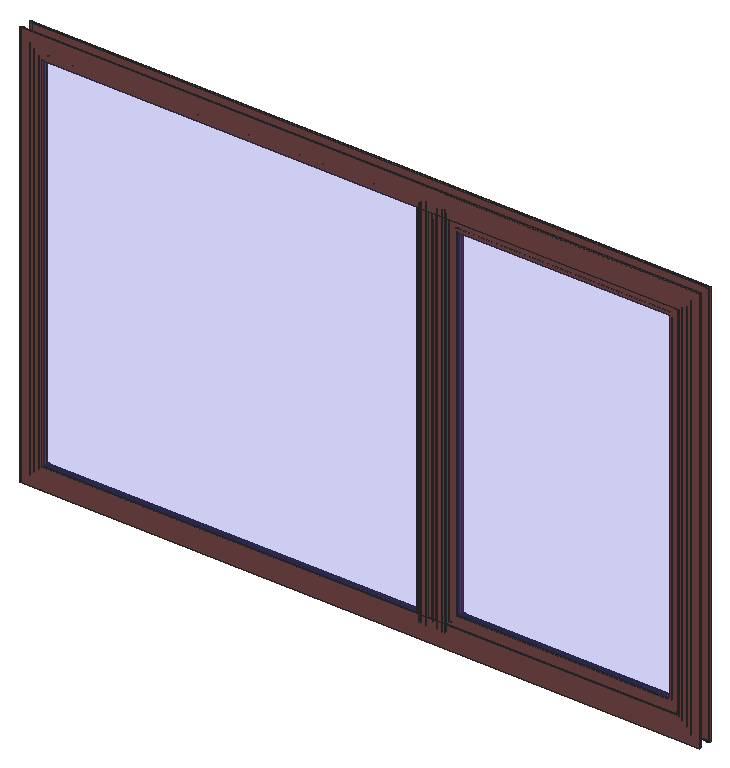
Revit family "PT, PS, 126, 129, 156, 1212, 159, 1515, 189, 1512,1812,186, 216, 246 ", category Windows, host Wall, Revit 2016
Family settings
  Host = Wall
  OmniClass Number = 23.30.20.00
  OmniClass Title = Windows
  Always vertical = Yes
  Cut with Voids When Loaded = No
  Shared = No
  Room Calculation Point = No
Parameters (values of type "PS Type- 159")
  URL = "http://www.robmeg.co.za/"
  Top hung = no
  Side hung = yes
  Rough Height = 1219.2 mm
  Plaster = 5 mm
  Model = "PS 159"
  Manufacturer = "Robmeg"  # constant formula
  Height = 910 mm
  Glazing = Glass
  Description = "Anodized Aluminium"
  Default Sill Height = 914.4 mm
  Wall Closure = By host
  Width = 1510 mm
  Centre vert mullion = 610 mm
  Author = "Inside"
  Aluminium anodized = Aluminium
Types (12, lengths in mm): name | URL | Top hung | Side hung | Model | Height | Description | Width | Centre vert mullion
  (no name) | "http://www.robmeg.co.za/" | no | yes | "PS 159" | 910 | "Anodized Aluminium" | 1510 | 610
  PT Type- 126 | "http://www.robmeg.co.za/" | yes | no | "PT 126" | 610 | "Anodized Aluminium" | 1200 | 595
  PT Type- 156 | "http://www.robmeg.co.za/" | yes | no | "PT 156" | 610 | "Anodized Alumium" | 1500 | 595
  PT Type- 186 | "http://www.robmeg.co.za/" | yes | no | "PT 186" | 610 | "Anodized Aluminium" | 1800 | 900
  PT Type- 216 | "http://www.robmeg.co.za/" | yes | no | "PT 216" | 610 | "Anodized Aluminium" | 2100 | 800
  PT Type- 246 | "http://www.robmeg.co.za/" | yes | no | "PT 246" | 610 | "Anodized Aluminium" | 2400 | 800
  PS Type- 129 | "http://www.robmeg.co.za" | no | yes | "PS 129" | 910 | "Anodized Aluminium" | 1210 | 610
  PS Type- 1212 | "http://www.robmeg.co.za" | no | yes | "PS 1212" | 1210 | "Anodized Aluminium" | 1210 | 610
  PS Type- 189 | "http://www.robmeg.co.za/" | no | yes | "PS 189" | 910 | "Anodized Aluminium" | 1810 | 610
  PS Type- 1512 | "http://www.robmeg.co.za/" | no | yes | "PS 152" | 910 | "Anodized Aluminium" | 1510 | 610
  PS Type- 1812 | "http://www.robmeg.co.za/" | no | yes | "PS 1812" | 1210 | "Anodized Aluminium" | 1810 | 610
  PS Type- 159 | "http://www.robmeg.co.za/" | no | yes | "PS 159" | 910 | "Anodized Aluminium" | 1510 | 610
Reference planes
  plane 1 "Center (Front/Back)": y = 0
  plane 2: z = 0
  plane 3 "Center (Left/Right)": x = 0
  plane 4 "Left": x = -755
  plane 5 "Right": x = 755
  plane 6 "Sill": z = 914.4
  plane 7 "Top": z = 1824.4
  plane 8: x = -750
  plane 9: z = 1819.4
  plane 10: z = 919.4
  plane 11: x = 750
  plane 12 "Glass start": y = 1
  plane 13 "Glass end": y = -3
  plane 14: z = 1369.4
  plane 15: x = 447.5
  plane 16: x = 140
Forms (mm)
  Sweep 1, solid, material "Aluminium" <- "Aluminium anodized"
    path origin (0, 0, 0) x (1, 0, 0) y (0, 0, 1)
      loop
        line (750, 1819.4) -> (-750, 1819.4) -> (-750, 919.4) -> (750, 919.4) -> (750, 1819.4)
    profile "51741 : 51741" origin (0, 0, 1819.4) x (0, 0, -1) y (0, -1, 0)
      loop
        line (26.815, -14.05) -> (20.535, -14.05) -> (20.535, -10.19) -> (21.815, -10.19) -> (21.815, -7.3) -> (19.535, -7.3) -> (19.535, -14.05) -> (1.135, -14.05) -> (1.135, -10.95)
        arc (1.135, -10.95) -> (0.286, -11.301) -> (-0.065, -12.15) r 1.2
        line (-0.065, -12.15) -> (-0.065, -15.25) -> (30.515, -15.25) -> (30.515, -12.384) -> (28.015, -13.827) -> (28.015, 14.05) -> (29.515, 14.05) -> (29.515, 11.75)
        arc (29.515, 11.75) -> (30.015, 11.25) -> (30.515, 11.75) r 0.5
        line (30.515, 11.75) -> (30.515, 14.05) -> (39.515, 14.05) -> (39.515, 11.65) -> (41.896, 11.65) -> (41.896, 12.85) -> (40.715, 12.85) -> (40.715, 14.05) -> (46.215, 14.05) -> (46.215, 12.85) -> (45.215, 12.85) -> (45.215, 11.65) -> (47.415, 11.65) -> (47.415, 15.25) -> (-0.065, 15.25) -> (-0.065, 12.15)
        arc (-0.065, 12.15) -> (0.334, 11.455) -> (1.135, 11.45) r 0.804
        line (1.135, 11.45) -> (1.135, 14.05) -> (19.535, 14.05) -> (19.535, 7.3) -> (21.815, 7.3) -> (21.815, 10.19) -> (20.535, 10.19) -> (20.535, 14.05) -> (26.815, 14.05) -> (26.815, -14.05)
  Sweep 2, solid, material "Aluminium" <- "Aluminium anodized"
    path origin (0, 0, 0) x (1, 0, 0) y (0, 0, 1)
      loop
        line (750, 1819.4) -> (140, 1819.4) -> (140, 919.4) -> (750, 919.4) -> (750, 1819.4)
    profile "H10197 : H10197" origin (445, 0, 1819.4) x (0, 0, -1) y (0, -1, 0)
      loop
        line (43.095, 8.408) -> (43.095, -19.692) -> (49.375, -19.692) -> (49.375, -14.812)
        arc (49.375, -14.812) -> (48.125, -13.562) -> (49.375, -12.312) r 1.25
        line (49.375, -12.312) -> (49.375, 1.008)
        arc (49.375, 1.008) -> (48.125, 2.258) -> (49.375, 3.508) r 1.25
        line (49.375, 3.508) -> (49.375, 8.408) -> (43.095, 8.408)
      loop
        line (41.895, 8.128) -> (41.895, -5.218) -> (41.895, -19.692) -> (40.495, -19.692) -> (40.495, -17.512)
        arc (40.495, -17.512) -> (39.995, -17.012) -> (39.495, -17.512) r 0.5
        line (39.495, -17.512) -> (39.495, -19.692) -> (30.495, -19.692) -> (30.495, -17.492) -> (28.345, -17.492)
        arc (28.345, -17.492) -> (27.845, -17.992) -> (28.345, -18.492) r 0.5
        line (28.345, -18.492) -> (29.295, -18.492) -> (29.295, -19.692) -> (23.795, -19.692) -> (23.795, -18.378) -> (24.706, -18.378)
        arc (24.706, -18.378) -> (25.206, -17.878) -> (24.706, -17.378) r 0.5
        line (24.706, -17.378) -> (23.784, -17.378)
        arc (23.784, -17.378) -> (23.137, -16.895) -> (22.595, -17.493) r 0.6
        line (22.595, -17.493) -> (22.595, -20.892) -> (53.175, -20.892) -> (53.175, -18.892)
        arc (53.175, -18.892) -> (51.875, -18.322) -> (50.575, -18.892) r 1.767
        line (50.575, -18.892) -> (50.575, -6.066) -> (50.575, 7.908)
        arc (50.575, 7.908) -> (51.375, 8.708) -> (52.175, 7.908) r 0.8
        line (52.175, 7.908) -> (52.175, 6.228)
        arc (52.175, 6.228) -> (52.675, 5.728) -> (53.175, 6.228) r 0.5
        line (53.175, 6.228) -> (53.175, 8.408) -> (62.175, 8.408) -> (62.175, 6.208) -> (64.325, 6.208)
        arc (64.325, 6.208) -> (64.825, 6.708) -> (64.325, 7.208) r 0.5
        line (64.325, 7.208) -> (63.375, 7.208) -> (63.375, 8.408) -> (68.875, 8.408) -> (68.875, 7.208) -> (67.925, 7.208)
        arc (67.925, 7.208) -> (67.425, 6.708) -> (67.925, 6.208) r 0.5
        line (67.925, 6.208) -> (68.875, 6.208)
        arc (68.875, 6.208) -> (69.474, 5.608) -> (70.075, 6.207) r 0.6
        line (70.075, 6.207) -> (70.075, 9.608) -> (39.495, 9.608) -> (39.495, 6.742) -> (41.895, 8.128)
  Sweep 3, solid, material "Aluminium" <- "Aluminium anodized"
    path origin (0, 0, 0) x (1, 0, 0) y (0, 0, 1)
      loop
        line (140, 1819.4) -> (140, 919.4) -> (750, 919.4) -> (750, 1819.4) -> (140, 1819.4)
    profile "glazing gasket : glazing gasket" origin (140, 0, 1369.4) x (1, 0, 0) y (0, -1, 0)
      loop
        line (53.254, -17.23) -> (53.254, -20.244) -> (69.855, -5.509)
        arc (69.855, -5.509) -> (69.76, -4.756) -> (69.092, -5.117) r 0.46
        line (69.092, -5.117) -> (67.564, -6.473) -> (66.198, -4.108) -> (65.274, -4.108) -> (66.736, -6.639) -> (61.74, -6.639) -> (63.22, -4.077) -> (51.988, -4.077) -> (51.988, 8.186) -> (51.188, 8.186) -> (51.188, -4.877) -> (61.834, -4.877) -> (60.355, -7.439) -> (66.475, -7.439) -> (54.054, -18.464) -> (54.054, -15.845) -> (50.954, -17.634) -> (50.954, -18.558) -> (53.254, -17.23)
  Extrusion 4, solid, material "Glass" <- "Glazing"
    sketch origin (0, 0, 914.4) x (0, -1, 0) y (1, 0, 0)
      loop
        line (-1, 194.054) -> (3, 194.054) -> (3, 695.946) -> (-1, 695.946) -> (-1, 194.054)
    from 59.054 to 850.946
  Sweep 5, solid, material "Aluminium" <- "Aluminium anodized"
    path origin (0, 0, 0) x (1, 0, 0) y (0, 0, 1)
      loop
        line (140, 949.915) -> (140, 1788.885)
    profile "H10196 : H10196" origin (140, 0, 1369.4) x (-1, 0, 0) y (0, -1, 0)
      loop
        line (-26.642, -14.247) -> (-6.442, -14.247) -> (-6.442, -4.217)
        arc (-6.442, -4.217) -> (-6.571, -3.479) -> (-7.319, -3.432) r 0.606
        arc (-7.319, -3.432) -> (-9.371, -3.891) -> (-11.294, -3.04) r 3.36
        arc (-11.294, -3.04) -> (-11.351, -1.925) -> (-10.235, -1.868) r 0.79
        arc (-10.235, -1.868) -> (-7.262, -0.547) -> (-10.235, 0.774) r 1.78
        arc (-10.235, 0.774) -> (-11.351, 0.83) -> (-11.294, 1.946) r 0.79
        arc (-11.294, 1.946) -> (-9.49, 2.783) -> (-7.529, 2.453) r 3.36
        arc (-7.529, 2.453) -> (-6.798, 2.484) -> (-6.442, 3.123) r 0.75
        line (-6.442, 3.123) -> (-6.442, 9.653) -> (-26.642, 9.653) -> (-26.642, 3.123)
        arc (-26.642, 3.123) -> (-26.285, 2.484) -> (-25.554, 2.453) r 0.75
        arc (-25.554, 2.453) -> (-23.593, 2.783) -> (-21.789, 1.946) r 3.36
        arc (-21.789, 1.946) -> (-21.733, 0.83) -> (-22.848, 0.774) r 0.79
        arc (-22.848, 0.774) -> (-25.822, -0.547) -> (-22.848, -1.868) r 1.78
        arc (-22.848, -1.868) -> (-21.733, -1.925) -> (-21.789, -3.04) r 0.79
        arc (-21.789, -3.04) -> (-23.593, -3.877) -> (-25.554, -3.548) r 3.36
        arc (-25.554, -3.548) -> (-26.285, -3.579) -> (-26.642, -4.217) r 0.75
        line (-26.642, -4.217) -> (-26.642, -14.247)
      loop
        line (-30.542, -15.547) -> (-2.542, -15.547) -> (-2.542, -12.681) -> (-5.142, -14.182) -> (-5.142, -2.597) -> (-5.942, -1.797) -> (-5.942, 0.903) -> (-5.142, 1.503) -> (-5.142, 13.153)
        arc (-5.142, 13.153) -> (-4.342, 13.653) -> (-3.542, 13.153) r 0.89
        line (-3.542, 13.153) -> (-3.542, 11.653)
        arc (-3.542, 11.653) -> (-3.042, 11.153) -> (-2.542, 11.653) r 0.5
        line (-2.542, 11.653) -> (-2.542, 13.653) -> (6.258, 13.653) -> (6.258, 11.604) -> (8.477, 11.604)
        arc (8.477, 11.604) -> (8.933, 12.012) -> (8.508, 12.453) r 0.425
        line (8.508, 12.453) -> (7.558, 12.453) -> (7.558, 13.653) -> (13.058, 13.653) -> (13.058, 12.453) -> (12.108, 12.453)
        arc (12.108, 12.453) -> (11.683, 12.028) -> (12.108, 11.603) r 0.425
        line (12.108, 11.603) -> (13.058, 11.603)
        arc (13.058, 11.603) -> (13.708, 10.953) -> (14.358, 11.603) r 0.65
        line (14.358, 11.603) -> (14.358, 14.953) -> (-6.442, 14.953) -> (-6.442, 10.953) -> (-26.642, 10.953) -> (-26.642, 14.953) -> (-47.442, 14.953) -> (-47.442, 11.603)
        arc (-47.442, 11.603) -> (-46.792, 10.953) -> (-46.142, 11.603) r 0.65
        line (-46.142, 11.603) -> (-45.192, 11.603)
        arc (-45.192, 11.603) -> (-44.767, 12.028) -> (-45.192, 12.453) r 0.425
        line (-45.192, 12.453) -> (-46.142, 12.453) -> (-46.142, 13.653) -> (-40.642, 13.653) -> (-40.642, 12.453) -> (-41.592, 12.453)
        arc (-41.592, 12.453) -> (-42.016, 12.012) -> (-41.56, 11.604) r 0.425
        line (-41.56, 11.604) -> (-39.342, 11.604) -> (-39.342, 13.653) -> (-30.542, 13.653) -> (-30.542, 11.653)
        arc (-30.542, 11.653) -> (-30.042, 11.153) -> (-29.542, 11.653) r 0.5
        line (-29.542, 11.653) -> (-29.542, 13.153)
        arc (-29.542, 13.153) -> (-28.742, 13.653) -> (-27.942, 13.153) r 0.89
        line (-27.942, 13.153) -> (-27.942, 1.503) -> (-27.142, 0.903) -> (-27.142, -1.997) -> (-27.942, -2.597) -> (-27.942, -14.182) -> (-30.542, -12.681) -> (-30.542, -15.547)
  Sweep 6, solid, material "Aluminium" <- "Aluminium anodized"
    path origin (0, 0, 0) x (1, 0, 0) y (0, 0, 1)
      loop
        line (-710.485, 958.915) -> (133.742, 958.915) -> (133.742, 1779.885) -> (-710.485, 1779.885) -> (-710.485, 958.915)
    profile "glazing gasket : glazing gasket" origin (-710.485, 0, 1369.4) x (-1, 0, 0) y (0, -1, 0)
      loop
        line (8.795, -11.988) -> (11.095, -13.316) -> (11.095, -12.392) -> (7.995, -10.603) -> (7.995, -13.222) -> (-4.427, -2.197) -> (1.694, -2.197) -> (0.214, 0.365) -> (10.86, 0.365) -> (10.86, 13.428) -> (10.06, 13.428) -> (10.06, 1.165) -> (-1.171, 1.165) -> (0.308, -1.397) -> (-4.687, -1.397) -> (-3.226, 1.134) -> (-4.15, 1.134) -> (-5.515, -1.231) -> (-7.043, 0.125)
        arc (-7.043, 0.125) -> (-7.711, 0.486) -> (-7.806, -0.267) r 0.46
        line (-7.806, -0.267) -> (8.795, -15.002) -> (8.795, -11.988)
  Extrusion 7, solid, material "Glass" <- "Glazing"
    sketch origin (-540.855, -3, 1219.2) x (-1, 0, 0) y (0, 0, 1)
      loop
        line (-680.855, 568.68) -> (-680.855, -268.28) -> (177.625, -268.28) -> (177.625, 568.68) -> (-680.855, 568.68)
    from 0 to -4
Lines and regions (mm)
  Opening 1
    outline origin (-1524, -76.2, 0) x (1, 0, 0) y (0, 0, 1)
      loop
        line (769, 1824.4) -> (769, 914.4) -> (2279, 914.4) -> (2279, 1824.4) -> (769, 1824.4)
  symbolic lines, style "Elevation Swing", visible <- "Top hung"
    curve 1: line (727.426, 0, 1796.826) -> (445, 0, 941.995)
    curve 2: line (445, 0, 941.995) -> (162.574, 0, 1796.826)
  symbolic lines, style "Elevation Swing", visible <- "Side hung"
    curve 3: line (727.426, 0, 1796.826) -> (142.536, 0, 1373.55)
    curve 4: line (142.536, 0, 1373.55) -> (727.405, 0, 941.995)
Text (mm)
  text "EXTERIOR" at (-1490.695, 1293.036, 0), in view "Ref. Level"
  text "INTERIOR" at (-1490.695, -959.266, 0), in view "Ref. Level"
  text "Exterior" at (0, 1108.87, 3129.179), in view "Left"
  text "Exterior" at (0, 464.664, 3176.206), in view "Right"
Dimensions and locks
  equal spacing: plane 4 "Left", plane 3 "Center (Left/Right)", plane 5 "Right"
  "Width": plane 4 "Left" to plane 5 "Right"
  "Height": plane 6 "Sill" to plane 7 "Top"
  "Default Sill Height": plane 2 to plane 6 "Sill"
  "Plaster": plane 9 to plane 7 "Top"
  "Plaster": plane 6 "Sill" to plane 10
  "Plaster": plane 11 to plane 5 "Right"
  "Plaster": plane 4 "Left" to plane 8
  equal spacing: plane 6 "Sill", plane 14, plane 7 "Top"
  "Centre vert mullion": plane 16 to plane 11
  equal spacing: plane 16, plane 15, plane 5 "Right"
  aligned and locked: plane 7 "Top" to Opening 1 sketch curve
  aligned and locked: plane 6 "Sill" to Opening 1 sketch curve  (x2)
  aligned and locked: plane 5 "Right" to Opening 1 sketch curve
  aligned and locked: plane 4 "Left" to Opening 1 sketch curve
  aligned and locked: level to plane 2
  aligned and locked: Sweep 1 sketch curve to plane 9
  aligned and locked: plane 11 to Sweep 1 sketch curve
  aligned and locked: Sweep 1 sketch curve to plane 10
  aligned and locked: plane 8 to Sweep 1 sketch curve
  aligned and locked: Sweep 2 sketch curve to plane 9
  aligned and locked: plane 11 to Sweep 2 sketch curve
  aligned and locked: Sweep 2 sketch curve to plane 10
  aligned and locked: Sweep 3 sketch curve to plane 9
  aligned and locked: plane 11 to Sweep 3 sketch curve
  aligned and locked: Sweep 3 sketch curve to plane 10
  aligned and locked: plane 12 "Glass start" to Extrusion 4 sketch curve
  aligned and locked: Extrusion 4 sketch curve to plane 13 "Glass end"
  aligned and locked: Sweep 3 to Extrusion 4 sketch curve
  aligned and locked: Extrusion 4 sketch curve to Sweep 3
  aligned and locked: Extrusion 4 to Sweep 3
  aligned and locked: Sweep 3 to Extrusion 4
  aligned and locked: Sweep 1 to Sweep 5 sketch curve  (x2)
  aligned and locked: Sweep 6 sketch curve to Sweep 1  (x3)
  aligned and locked: Sweep 6 sketch curve to Sweep 5
  aligned and locked: Sweep 6 to Extrusion 7  (x2)
  aligned and locked: Extrusion 7 to Sweep 6
  aligned and locked: Sweep 5 sketch curve to plane 16
  aligned and locked: Sweep 2 sketch curve to plane 16
  aligned and locked: Sweep 3 sketch curve to plane 16
  aligned and locked: Extrusion 7 to plane 16
Automatic sketch dimensions
  Extrusion 7 sketch curve to plane 8 = 31.52 mm
  plane 10 to Extrusion 7 sketch curve = 31.52 mm
  Extrusion 7 sketch curve to plane 9 = 31.52 mm
  plane 3 "Center (Left/Right)" to Extrusion 7 sketch curve = 140 mm
  curve 4 to plane 16 = 2.536 mm
  plane 15 to curve 2 = 2.5 mm
  plane 11 to curve 3 = 22.574 mm
  plane 10 to curve 1 = 22.595 mm
  plane 14 to curve 3 = 4.15 mm
  curve 3 to plane 9 = 22.574 mm
  curve 2 to plane 16 = 22.574 mm
  plane 11 to curve 4 = 22.595 mm
  plane 10 to curve 4 = 22.595 mm
  curve 2 to plane 9 = 22.574 mm
